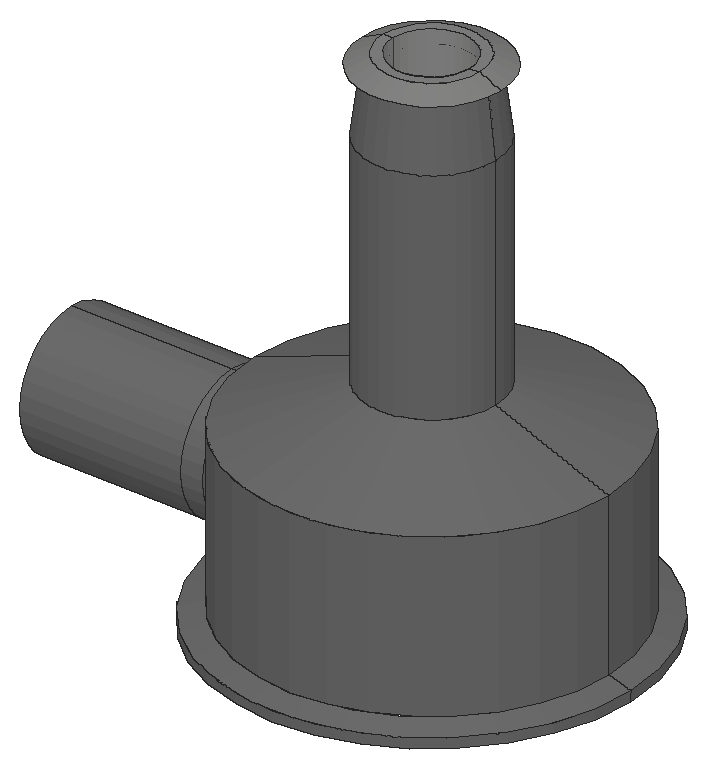
Revit family "Platek_Pico", category Apparecchi per illuminazione, host Superficie, Revit 2017
Family settings
  Host = Superficie
  Quota connettore circolare = Usa diametro
  Tipo di parte = Normale
  Taglio con vuoti quando caricato = No
  Sorgente d'illuminazione = Sì
  Condiviso = No
  Punto di calcolo locali = No
Parameters (values of type "8495011_1,4W_LED_3000K_Full Inox")
  Wattage = 0.572229 W
  Voltage Output = 12 V
  Variazione temperatura colore lampada con luminosità attenuata = <Nessuno>
  URL = "www.platek.eu"
  built-in parameter 1150107 = 3000 (stored number, unit not read)
  Rendi la forma visibile nel rendering = no
  Default Elevation = 1219.2 mm
  Produttore = "PLATEK SRL"  # constant formula
  Product Page URL = "http://www.platek.eu/ita/catalogo.php?catseaname=pico"
  Product Documentation Link = "http://www.platek.eu/ita/catalogo.php?catseaname=pico"
  Product Dimension = "Ø 21mm/H44mm"
  Power Supply Unit = "Power Supply Remote, Power Supply excluded to be ordered separately"
  Plastic = PLK_Plastic_Black
  built-in parameter 1150110 = 1 (stored number, unit not read)
  built-in parameter 1150109 = 1 (stored number, unit not read)
  built-in parameter 1114218 = 1 (stored number, unit not read)
  built-in parameter 1150112 = 1 (stored number, unit not read)
  PLATEK FInishes = "Full Inox"
  PLATEK Article Code = "8495011"
  Nota chiave = "Recessed box excluded and IP68 connector to be ordered separately, Other Led colors available on request"
  built-in parameter 1150142 = "IESNA:LM-63-2002\r\n[TEST] 8495011\r\n[TESTLAB] Platek srl\r\n[TESTDATE] 11 Feb 2016\r\n[ISSUEDATE] 11 Feb 2016\r\n[MANUFAC] Platek srl\r\n[LUMCAT] 8495011\r\n[LUMINAIRE] Pico Full Inox 1,4W (LED - 3000K) 20° Medium\r\n[FLASHAREA] 0.000027\r\n[LAMPCAT] LED\r\n[LAMP] LED\r\nTILT=NONE\r\n1 95.00 1.0 91 73 1 2 -0.012 -0.012 0.000\r\n1.00 1.00 1.40\r\n0.00 1.00 2.00 3.00 4.00 5.00 6.00 7.00 8.00 9.00 10.00 \r\n11.00 12.00 13.00 14.00 15.00 16.00 17.00 18.00 19.00 \r\n20.00 21.00 22.00 23.00 24.00 25.00 26.00 27.00 28.00 \r\n29.00 30.00 31.00 32.00 33.00 34.00 35.00 36.00 37.00 \r\n38.00 39.00 40.00 41.00 42.00 43.00 44.00 45.00 46.00 \r\n47.00 48.00 49.00 50.00 51.00 52.00 53.00 54.00 55.00 \r\n56.00 57.00 58.00 59.00 60.00 61.00 62.00 63.00 64.00 \r\n65.00 66.00 67.00 68.00 69.00 70.00 71.00 72.00 73.00 \r\n74.00 75.00 76.00 77.00 78.00 79.00 80.00 81.00 82.00 \r\n83.00 84.00 85.00 86.00 87.00 88.00 89.00 90.00 \r\n0.00 5.00 10.00 15.00 20.00 25.00 30.00 35.00 40.00 45.00 \r\n50.00 55.00 60.00 65.00 70.00 75.00 80.00 85.00 90.00 \r\n95.00 100.00 105.00 110.00 115.00 120.00 125.00 130.00 \r\n135.00 140.00 145.00 150.00 155.00 160.00 165.00 170.00 \r\n175.00 180.00 185.00 190.00 195.00 200.00 205.00 210.00 \r\n215.00 220.00 225.00 230.00 235.00 240.00 245.00 250.00 \r\n255.00 260.00 265.00 270.00 275.00 280.00 285.00 290.00 \r\n295.00 300.00 305.00 310.00 315.00 320.00 325.00 330.00 \r\n335.00 340.00 345.00 350.00 355.00 360.00 \r\n662.15 652.65 641.25 623.20 590.90 547.20 493.05 442.70 \r\n393.30 346.75 299.25 256.50 216.60 179.55 146.30 117.80 \r\n93.20 73.63 57.57 45.22 35.24 27.93 22.42 18.62 15.96 \r\n13.68 11.59 9.97 8.90 8.16 7.28 6.17 5.21 4.37 3.69 2.78 \r\n2.09 1.57 1.45 1.32 1.16 1.03 0.99 1.07 1.06 1.11 1.11 \r\n1.19 1.22 1.34 1.43 1.47 1.32 1.16 1.01 0.98 0.88 0.79 \r\n0.61 0.50 0.41 0.38 0.33 0.27 0.22 0.20 0.22 0.21 0.18 \r\n0.13 0.10 0.07 0.06 0.05 0.04 0.03 0.03 0.02 0.03 0.03 \r\n0.03 0.02 0.01 0.00 0.00 0.00 0.00 0.00 0.00 0.00 0.00 \r\n662.15 649.80 638.40 623.20 591.85 547.20 493.05 443.65 \r\n395.20 347.70 299.25 255.55 214.70 177.65 144.40 115.90 \r\n92.25 73.34 57.66 45.31 35.53 28.21 22.80 18.81 16.05 \r\n13.78 11.78 10.07 9.06 8.32 7.39 6.19 5.10 4.22 3.58 2.77 \r\n2.14 1.61 1.48 1.34 1.20 1.03 0.94 0.99 1.00 1.06 1.05 \r\n1.15 1.19 1.34 1.40 1.42 1.24 1.09 0.95 0.96 0.89 0.85 \r\n0.67 0.55 0.42 0.38 0.32 0.29 0.25 0.25 0.25 0.22 0.18 \r\n0.13 0.11 0.08 0.08 0.06 0.06 0.04 0.03 0.02 0.02 0.02 \r\n0.02 0.01 0.00 0.00 0.00 0.00 0.00 0.00 0.00 0.00 0.00 \r\n662.15 655.50 646.00 627.00 591.85 546.25 494.95 444.60 \r\n395.20 345.80 298.30 253.65 212.80 174.80 142.50 114.95 \r\n92.63 74.20 58.62 45.98 36.10 28.50 23.18 18.91 16.25 \r\n13.78 12.06 10.26 9.06 8.11 7.29 6.16 5.04 4.07 3.37 2.69 \r\n2.11 1.61 1.38 1.26 1.20 1.09 1.01 1.03 1.02 1.06 1.04 \r\n1.14 1.19 1.32 1.31 1.28 1.10 1.01 0.93 1.00 0.98 0.95 \r\n0.75 0.60 0.45 0.41 0.37 0.34 0.31 0.30 0.30 0.26 0.21 \r\n0.14 0.10 0.07 0.07 0.07 0.07 0.06 0.03 0.02 0.01 0.01 \r\n0.02 0.01 0.00 0.00 0.00 0.00 0.00 0.00 0.00 0.00 0.00 \r\n662.15 653.60 641.25 621.30 588.05 545.30 497.80 446.50 \r\n395.20 343.90 296.40 251.75 209.95 172.90 142.50 114.95 \r\n93.00 74.39 59.28 46.74 36.58 28.50 22.89 18.52 15.96 \r\n13.68 12.06 10.36 9.05 7.93 7.07 5.99 4.92 3.95 3.30 2.71 \r\n2.16 1.61 1.32 1.24 1.24 1.16 1.04 0.99 0.98 1.00 1.00 \r\n1.09 1.14 1.24 1.20 1.13 0.98 0.95 0.95 1.04 1.04 1.00 \r\n0.80 0.63 0.49 0.43 0.39 0.36 0.33 0.30 0.28 0.23 0.18 \r\n0.13 0.09 0.06 0.06 0.08 0.09 0.08 0.05 0.03 0.01 0.01 \r\n0.01 0.01 0.01 0.00 0.00 0.00 0.00 0.00 0.00 0.00 0.00 \r\n662.15 652.65 638.40 616.55 582.35 542.45 495.90 445.55 \r\n394.25 342.95 297.35 252.70 210.90 173.85 143.45 116.85 \r\n94.34 74.95 59.85 47.12 36.86 28.50 22.99 18.81 16.15 \r\n13.78 12.26 10.45 9.03 7.76 6.91 5.92 4.96 4.01 3.32 2.68 \r\n2.10 1.57 1.29 1.24 1.25 1.16 1.06 1.03 1.04 1.04 1.08 \r\n1.15 1.20 1.21 1.13 1.05 0.95 0.94 0.95 1.01 1.01 0.94 \r\n0.78 0.62 0.51 0.45 0.41 0.34 0.30 0.27 0.25 0.20 0.16 \r\n0.11 0.08 0.05 0.05 0.08 0.10 0.10 0.06 0.04 0.02 0.02 \r\n0.01 0.02 0.01 0.01 0.00 0.00 0.00 0.00 0.00 0.00 0.00 \r\n662.15 646.00 628.90 609.90 578.55 542.45 495.90 446.50 \r\n394.25 343.90 296.40 250.80 209.95 172.90 143.45 116.85 \r\n94.14 74.48 59.66 46.93 37.05 28.79 23.37 19.19 16.34 \r\n13.87 12.06 10.45 9.13 7.88 6.84 5.74 4.86 4.03 3.46 2.79 \r\n2.23 1.67 1.41 1.26 1.23 1.10 1.03 0.99 1.04 1.06 1.14 \r\n1.21 1.22 1.18 1.09 1.04 1.01 1.00 1.00 0.95 0.89 0.79 \r\n0.68 0.57 0.52 0.47 0.45 0.37 0.31 0.25 0.22 0.17 0.15 \r\n0.12 0.09 0.06 0.06 0.09 0.10 0.10 0.07 0.06 0.03 0.02 \r\n0.01 0.02 0.02 0.02 0.01 0.00 0.00 0.00 0.00 0.00 0.00 \r\n662.15 643.15 626.05 607.05 577.60 539.60 494.00 444.60 \r\n394.25 342.95 295.45 248.90 208.05 171.95 142.50 115.90 \r\n93.67 74.20 59.28 46.65 37.24 29.36 24.23 19.95 16.82 \r\n13.96 11.88 10.26 9.05 7.90 6.86 5.70 4.84 4.04 3.47 2.79 \r\n2.24 1.74 1.46 1.25 1.13 1.02 0.99 1.00 1.08 1.15 1.25 \r\n1.30 1.27 1.18 1.09 1.06 1.08 1.06 1.04 0.92 0.82 0.69 \r\n0.62 0.55 0.53 0.51 0.49 0.41 0.33 0.25 0.21 0.18 0.17 \r\n0.15 0.12 0.10 0.08 0.09 0.09 0.09 0.06 0.05 0.03 0.02 \r\n0.01 0.03 0.03 0.02 0.01 0.00 0.00 0.00 0.00 0.00 0.00 \r\n662.15 646.00 632.70 613.70 582.35 540.55 494.95 444.60 \r\n394.25 341.05 292.60 246.05 206.15 170.05 139.65 114.00 \r\n91.48 72.96 58.33 46.27 37.24 29.55 24.32 19.86 16.63 \r\n13.68 11.50 9.88 8.89 7.88 6.85 5.61 4.69 3.92 3.43 2.85 \r\n2.39 1.92 1.58 1.26 1.09 1.00 1.01 1.03 1.10 1.18 1.29 \r\n1.36 1.31 1.20 1.08 1.08 1.13 1.16 1.11 0.99 0.82 0.68 \r\n0.60 0.57 0.57 0.55 0.52 0.44 0.35 0.26 0.22 0.19 0.20 \r\n0.19 0.16 0.13 0.10 0.10 0.07 0.07 0.06 0.05 0.03 0.02 \r\n0.02 0.03 0.03 0.03 0.02 0.01 0.00 0.00 0.00 0.00 0.00 \r\n662.15 650.75 640.30 619.40 585.20 537.70 490.20 439.85 \r\n389.50 338.20 289.75 245.10 205.20 169.10 137.75 111.15 \r\n89.59 71.92 57.48 45.79 36.86 29.36 23.94 19.57 16.34 \r\n13.59 11.40 9.79 8.81 7.96 7.03 5.81 4.78 3.92 3.33 2.82 \r\n2.41 2.00 1.61 1.29 1.09 1.03 1.04 1.07 1.14 1.24 1.37 \r\n1.43 1.36 1.22 1.07 1.07 1.12 1.19 1.14 1.04 0.89 0.77 \r\n0.66 0.64 0.62 0.59 0.53 0.42 0.34 0.25 0.23 0.22 0.23 \r\n0.21 0.18 0.15 0.12 0.10 0.07 0.06 0.05 0.04 0.03 0.02 \r\n0.02 0.03 0.03 0.03 0.01 0.01 0.00 0.00 0.00 0.00 0.00 \r\n662.15 658.35 648.85 626.05 588.05 539.60 487.35 435.10 \r\n383.80 333.45 285.95 243.20 203.30 167.20 135.85 109.25 \r\n88.06 70.87 56.52 45.13 36.38 29.07 23.66 19.29 16.15 \r\n13.59 11.40 9.79 8.71 7.86 6.96 5.85 4.81 3.90 3.27 2.80 \r\n2.46 2.12 1.74 1.42 1.19 1.11 1.07 1.10 1.14 1.25 1.35 \r\n1.42 1.34 1.20 1.05 1.07 1.17 1.24 1.19 1.08 0.94 0.83 \r\n0.74 0.70 0.65 0.59 0.51 0.41 0.34 0.28 0.25 0.24 0.22 \r\n0.19 0.16 0.15 0.13 0.12 0.09 0.07 0.06 0.06 0.04 0.03 \r\n0.02 0.03 0.02 0.02 0.01 0.01 0.00 0.01 0.01 0.01 0.00 \r\n662.15 654.55 642.20 621.30 586.15 538.65 485.45 430.35 \r\n379.05 329.65 283.10 239.40 200.45 166.25 134.90 109.25 \r\n88.06 70.78 55.95 44.65 35.81 29.07 23.75 19.76 16.63 \r\n14.06 11.88 10.07 8.89 8.00 7.11 6.09 5.02 4.08 3.32 2.86 \r\n2.49 2.18 1.76 1.44 1.19 1.07 1.01 1.05 1.08 1.18 1.24 \r\n1.34 1.30 1.20 1.10 1.12 1.20 1.21 1.15 1.03 0.91 0.84 \r\n0.76 0.73 0.65 0.56 0.46 0.38 0.34 0.30 0.27 0.25 0.22 \r\n0.19 0.16 0.14 0.13 0.12 0.10 0.08 0.06 0.06 0.04 0.03 \r\n0.02 0.02 0.02 0.02 0.01 0.00 0.01 0.02 0.02 0.02 0.00 \r\n662.15 656.45 642.20 621.30 582.35 536.75 483.55 430.35 \r\n378.10 327.75 279.30 235.60 197.60 164.35 134.90 110.20 \r\n88.45 70.58 55.38 44.37 35.72 29.36 24.04 20.14 17.10 \r\n14.54 12.26 10.45 9.03 7.99 7.01 6.08 5.04 4.16 3.40 2.94 \r\n2.51 2.20 1.78 1.50 1.21 1.06 0.97 1.01 1.03 1.12 1.18 \r\n1.29 1.30 1.25 1.24 1.24 1.28 1.22 1.13 0.97 0.86 0.81 \r\n0.76 0.72 0.60 0.47 0.37 0.33 0.32 0.31 0.27 0.23 0.18 \r\n0.17 0.15 0.14 0.13 0.11 0.09 0.08 0.07 0.06 0.05 0.04 \r\n0.02 0.02 0.02 0.01 0.01 0.00 0.01 0.02 0.02 0.02 0.00 \r\n662.15 652.65 636.50 613.70 573.80 530.10 480.70 429.40 \r\n378.10 325.85 277.40 232.75 196.65 164.35 135.85 111.15 \r\n89.39 71.06 55.67 44.84 35.91 29.26 23.66 20.05 17.29 \r\n15.01 12.82 11.02 9.49 8.26 7.15 6.20 5.21 4.32 3.54 3.03 \r\n2.49 2.11 1.69 1.44 1.18 1.04 0.96 0.98 1.00 1.09 1.17 \r\n1.28 1.31 1.33 1.36 1.33 1.27 1.11 0.99 0.87 0.82 0.80 \r\n0.75 0.67 0.53 0.39 0.29 0.27 0.28 0.28 0.23 0.19 0.16 \r\n0.17 0.18 0.16 0.14 0.10 0.07 0.06 0.05 0.05 0.05 0.03 \r\n0.02 0.02 0.02 0.02 0.01 0.00 0.00 0.01 0.01 0.01 0.00 \r\n662.15 657.40 639.35 609.90 564.30 519.65 473.10 426.55 \r\n377.15 324.90 276.45 232.75 195.70 162.45 134.90 110.20 \r\n88.35 70.11 55.58 45.22 36.29 29.16 23.37 19.86 17.20 \r\n15.01 13.02 11.30 9.79 8.35 7.15 6.11 5.19 4.30 3.56 2.91 \r\n2.28 1.86 1.56 1.40 1.23 1.10 1.02 1.00 1.04 1.19 1.28 \r\n1.35 1.34 1.39 1.43 1.39 1.27 1.06 0.95 0.88 0.87 0.85 \r\n0.78 0.65 0.50 0.37 0.29 0.27 0.26 0.26 0.20 0.15 0.12 \r\n0.13 0.16 0.16 0.14 0.11 0.07 0.05 0.04 0.05 0.05 0.03 \r\n0.02 0.02 0.01 0.01 0.01 0.00 0.00 0.00 0.00 0.00 0.00 \r\n662.15 653.60 633.65 602.30 557.65 513.95 469.30 423.70 \r\n375.25 324.90 276.45 232.75 193.80 160.55 133.00 108.30 \r\n87.40 69.64 55.95 45.51 36.48 28.88 23.18 19.66 17.10 \r\n14.92 13.02 11.40 9.88 8.43 7.30 6.17 5.29 4.30 3.50 2.71 \r\n2.08 1.64 1.42 1.28 1.18 1.06 1.00 0.96 1.03 1.18 1.28 \r\n1.31 1.27 1.33 1.41 1.37 1.22 0.99 0.89 0.89 0.95 0.92 \r\n0.83 0.67 0.54 0.41 0.35 0.31 0.28 0.26 0.20 0.15 0.11 \r\n0.11 0.13 0.14 0.13 0.11 0.08 0.06 0.04 0.03 0.03 0.02 \r\n0.02 0.02 0.01 0.01 0.00 0.00 0.00 0.00 0.00 0.00 0.00 \r\n662.15 659.30 641.25 607.05 558.60 512.05 465.50 418.95 \r\n371.45 323.00 277.40 232.75 193.80 159.60 131.10 106.40 \r\n85.88 68.78 55.95 45.51 36.86 29.36 24.23 20.33 17.39 \r\n14.82 12.73 11.12 9.79 8.44 7.32 6.09 5.18 4.13 3.33 2.52 \r\n1.95 1.53 1.33 1.17 1.08 0.98 0.96 0.93 1.03 1.18 1.31 \r\n1.34 1.31 1.32 1.37 1.31 1.19 0.98 0.92 0.96 1.00 0.95 \r\n0.83 0.68 0.58 0.48 0.42 0.36 0.32 0.27 0.20 0.14 0.09 \r\n0.08 0.09 0.10 0.09 0.09 0.07 0.06 0.04 0.03 0.02 0.01 \r\n0.01 0.01 0.01 0.00 0.00 0.00 0.00 0.00 0.00 0.00 0.00 \r\n662.15 657.40 639.35 604.20 559.55 513.00 466.45 418.95 \r\n370.50 323.95 277.40 233.70 194.75 160.55 132.05 107.35 \r\n86.73 69.83 56.72 45.79 37.52 30.59 25.55 21.28 17.77 \r\n14.92 12.63 11.02 9.69 8.46 7.33 6.09 5.05 3.99 3.17 2.40 \r\n1.90 1.51 1.28 1.08 0.93 0.84 0.83 0.82 0.93 1.06 1.24 \r\n1.32 1.34 1.33 1.35 1.28 1.15 0.96 0.90 0.94 0.97 0.92 \r\n0.80 0.67 0.57 0.47 0.41 0.35 0.32 0.28 0.22 0.15 0.09 \r\n0.07 0.06 0.07 0.06 0.06 0.06 0.05 0.03 0.01 0.01 0.00 \r\n0.00 0.00 0.00 0.00 0.00 0.00 0.00 0.00 0.00 0.00 0.00 \r\n662.15 650.75 632.70 600.40 560.50 512.05 463.60 415.15 \r\n368.60 323.00 278.35 234.65 196.65 162.45 133.00 108.30 \r\n87.88 71.25 57.95 47.02 38.95 32.40 27.27 22.42 18.34 \r\n15.20 13.02 11.50 10.07 8.82 7.46 6.07 4.84 3.74 2.92 \r\n2.21 1.77 1.45 1.24 1.03 0.84 0.75 0.76 0.80 0.91 1.05 \r\n1.25 1.40 1.46 1.43 1.39 1.29 1.17 1.01 0.95 0.95 0.95 \r\n0.87 0.75 0.59 0.48 0.39 0.35 0.30 0.27 0.23 0.19 0.14 \r\n0.09 0.06 0.06 0.06 0.05 0.04 0.03 0.03 0.02 0.01 0.00 \r\n0.00 0.00 0.00 0.00 0.00 0.00 0.00 0.00 0.00 0.00 0.00 \r\n0.00 \r\n662.15 635.55 614.65 588.05 555.75 509.20 460.75 412.30 \r\n366.70 323.95 280.25 236.55 197.60 162.45 133.95 109.25 \r\n90.06 73.44 59.76 48.36 40.19 33.73 28.21 22.99 18.71 \r\n15.77 13.78 12.26 10.83 9.41 7.84 6.22 4.74 3.52 2.64 \r\n1.95 1.56 1.31 1.14 0.95 0.74 0.66 0.67 0.75 0.87 1.04 \r\n1.24 1.41 1.47 1.43 1.38 1.30 1.21 1.06 0.99 0.95 0.93 \r\n0.83 0.71 0.54 0.43 0.34 0.32 0.27 0.25 0.22 0.19 0.14 \r\n0.09 0.06 0.05 0.06 0.05 0.04 0.03 0.02 0.01 0.00 0.00 \r\n0.00 0.00 0.00 0.00 0.00 0.00 0.00 0.00 0.00 0.00 0.00 \r\n0.00 \r\n662.15 629.85 607.05 583.30 553.85 507.30 456.00 404.70 \r\n361.00 320.15 277.40 235.60 196.65 162.45 133.95 111.15 \r\n91.86 75.43 61.56 50.06 41.33 34.30 28.50 23.37 19.29 \r\n16.53 14.82 13.39 11.78 10.17 8.31 6.43 4.73 3.34 2.36 \r\n1.68 1.34 1.17 1.02 0.85 0.69 0.66 0.68 0.77 0.87 1.04 \r\n1.23 1.39 1.44 1.40 1.32 1.24 1.19 1.10 1.06 1.01 0.96 \r\n0.85 0.70 0.51 0.40 0.33 0.31 0.28 0.24 0.21 0.17 0.12 \r\n0.09 0.07 0.07 0.08 0.07 0.05 0.03 0.02 0.01 0.01 0.00 \r\n0.01 0.02 0.02 0.02 0.01 0.00 0.00 0.00 0.00 0.00 0.00 \r\n0.00 \r\n662.15 634.60 609.90 582.35 550.05 504.45 455.05 403.75 \r\n358.15 315.40 273.60 233.70 194.75 161.50 133.95 112.10 \r\n92.63 76.38 62.41 50.83 41.42 33.91 28.21 23.56 19.95 \r\n17.39 15.48 13.96 12.26 10.45 8.54 6.56 4.72 3.26 2.21 \r\n1.53 1.16 1.00 0.85 0.72 0.65 0.69 0.74 0.82 0.90 1.05 \r\n1.20 1.32 1.37 1.31 1.21 1.07 1.06 1.05 1.06 1.03 0.96 \r\n0.86 0.72 0.56 0.47 0.43 0.39 0.34 0.29 0.26 0.21 0.17 \r\n0.12 0.10 0.10 0.09 0.07 0.05 0.03 0.03 0.02 0.01 0.01 \r\n0.02 0.04 0.04 0.04 0.02 0.01 0.00 0.00 0.00 0.00 0.00 \r\n0.00 \r\n662.15 645.05 622.25 589.95 550.05 504.45 455.05 404.70 \r\n356.25 309.70 266.95 228.00 191.90 161.50 133.95 112.10 \r\n92.44 76.28 62.61 51.30 41.52 33.73 28.21 24.13 20.71 \r\n18.05 15.87 14.15 12.26 10.36 8.40 6.45 4.62 3.17 2.16 \r\n1.49 1.10 0.87 0.72 0.64 0.67 0.75 0.82 0.87 0.95 1.07 \r\n1.20 1.28 1.34 1.28 1.20 1.04 1.03 1.04 1.09 1.07 1.01 \r\n0.91 0.77 0.64 0.54 0.47 0.40 0.36 0.30 0.28 0.23 0.21 \r\n0.18 0.16 0.14 0.12 0.09 0.06 0.04 0.04 0.03 0.02 0.02 \r\n0.03 0.05 0.06 0.06 0.04 0.02 0.01 0.00 0.00 0.00 0.00 \r\n0.00 \r\n662.15 649.80 627.95 591.85 546.25 499.70 452.20 405.65 \r\n354.35 305.90 262.20 225.15 190.95 160.55 133.95 112.10 \r\n91.67 75.91 62.70 51.77 41.99 34.20 28.69 24.80 21.47 \r\n18.52 15.96 13.78 11.78 10.07 8.15 6.22 4.40 3.00 2.09 \r\n1.49 1.09 0.80 0.65 0.63 0.72 0.82 0.91 0.98 1.07 1.18 \r\n1.27 1.31 1.35 1.28 1.22 1.07 1.05 1.04 1.08 1.07 1.04 \r\n0.97 0.86 0.76 0.65 0.57 0.46 0.39 0.31 0.29 0.26 0.26 \r\n0.23 0.22 0.18 0.14 0.10 0.08 0.06 0.05 0.04 0.02 0.03 \r\n0.04 0.06 0.07 0.06 0.05 0.02 0.01 0.00 0.00 0.00 0.00 \r\n0.00 \r\n662.15 649.80 628.90 592.80 544.35 494.95 447.45 401.85 \r\n352.45 304.00 261.25 224.20 191.90 162.45 134.90 112.10 \r\n92.15 76.28 63.37 52.63 43.13 35.34 29.64 25.37 21.85 \r\n18.71 16.05 13.87 11.88 9.97 8.03 6.01 4.25 2.86 2.04 \r\n1.50 1.15 0.84 0.70 0.70 0.80 0.86 0.95 1.01 1.13 1.22 \r\n1.32 1.34 1.38 1.33 1.31 1.23 1.18 1.12 1.10 1.08 1.05 \r\n1.01 0.92 0.82 0.70 0.61 0.49 0.41 0.31 0.27 0.25 0.27 \r\n0.27 0.26 0.21 0.17 0.13 0.11 0.10 0.07 0.06 0.04 0.05 \r\n0.05 0.07 0.07 0.06 0.04 0.02 0.00 0.00 0.00 0.00 0.00 \r\n0.00 \r\n662.15 646.95 623.20 586.15 536.75 487.35 438.90 396.15 \r\n347.70 302.10 260.30 225.15 193.80 163.40 135.85 112.10 \r\n93.00 77.42 64.60 53.58 44.37 36.38 30.40 25.75 22.23 \r\n19.19 16.63 14.35 12.35 10.36 8.32 6.09 4.23 2.76 1.95 \r\n1.41 1.10 0.85 0.79 0.84 0.92 0.94 1.00 1.04 1.14 1.20 \r\n1.29 1.35 1.43 1.42 1.40 1.31 1.24 1.13 1.10 1.05 1.06 \r\n1.04 0.98 0.88 0.78 0.70 0.58 0.47 0.34 0.28 0.26 0.28 \r\n0.29 0.26 0.21 0.17 0.14 0.14 0.13 0.11 0.08 0.06 0.07 \r\n0.08 0.09 0.08 0.05 0.03 0.01 0.01 0.00 0.00 0.00 0.00 \r\n0.00 \r\n662.15 646.95 622.25 587.10 537.70 487.35 437.00 392.35 \r\n346.75 303.05 262.20 226.10 193.80 162.45 134.90 112.10 \r\n93.86 78.56 65.27 53.96 44.74 36.86 30.78 26.03 22.52 \r\n19.76 17.29 15.20 13.21 11.02 8.74 6.32 4.40 2.88 1.97 \r\n1.36 1.05 0.88 0.86 0.93 1.00 1.00 1.02 1.04 1.13 1.17 \r\n1.25 1.34 1.46 1.52 1.51 1.40 1.28 1.18 1.17 1.09 1.08 \r\n1.04 1.02 0.91 0.79 0.70 0.61 0.50 0.38 0.30 0.28 0.29 \r\n0.29 0.26 0.21 0.17 0.14 0.14 0.14 0.13 0.11 0.10 0.10 \r\n0.11 0.10 0.08 0.04 0.02 0.01 0.01 0.01 0.00 0.01 0.03 \r\n0.00 \r\n662.15 645.05 616.55 580.45 533.90 485.45 436.05 389.50 \r\n342.95 300.20 260.30 224.20 191.90 160.55 133.95 112.10 \r\n94.24 79.52 65.93 54.34 44.84 37.24 31.25 26.60 23.18 \r\n20.33 17.77 15.58 13.59 11.59 9.21 6.68 4.62 2.99 1.99 \r\n1.32 0.99 0.84 0.84 0.93 1.05 1.06 1.04 1.06 1.14 1.23 \r\n1.29 1.38 1.46 1.53 1.52 1.41 1.31 1.19 1.19 1.12 1.12 \r\n1.07 1.05 0.93 0.80 0.67 0.58 0.50 0.41 0.36 0.34 0.32 \r\n0.29 0.25 0.22 0.18 0.15 0.13 0.13 0.14 0.13 0.13 0.12 \r\n0.12 0.09 0.07 0.03 0.02 0.01 0.01 0.01 0.00 0.01 0.04 \r\n0.25 \r\n662.15 640.30 611.80 574.75 531.05 484.50 436.05 389.50 \r\n342.00 299.25 259.35 224.20 190.00 159.60 132.05 111.15 \r\n94.14 79.61 65.83 54.53 45.13 37.62 31.73 27.17 23.66 \r\n20.62 17.77 15.39 13.39 11.40 9.22 6.82 4.80 3.13 2.04 \r\n1.36 1.02 0.87 0.81 0.90 1.04 1.11 1.08 1.06 1.15 1.26 \r\n1.32 1.36 1.38 1.42 1.42 1.34 1.27 1.19 1.22 1.14 1.14 \r\n1.07 1.05 0.93 0.77 0.63 0.54 0.49 0.44 0.40 0.36 0.31 \r\n0.28 0.25 0.24 0.21 0.17 0.14 0.12 0.13 0.12 0.13 0.10 \r\n0.10 0.07 0.06 0.03 0.02 0.01 0.01 0.01 0.00 0.01 0.03 \r\n0.00 \r\n662.15 634.60 603.25 563.35 519.65 476
